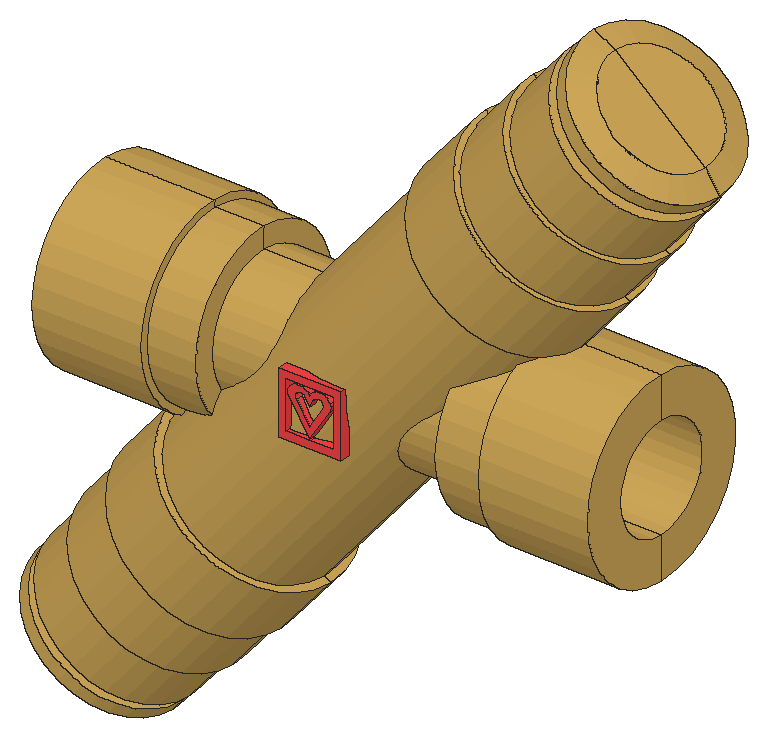
Revit family "Ограничитель температуры воды 4011", category Rohrzubehör, Revit 2020
Family settings
  Bemaßung runder Anschluss = Durchmesser verwenden
  Teiletyp = Unterbricht
  OmniClass-Nummer = 23.65.55.14
  OmniClass-Titel = Valves for Liquid Services
  Arbeitsebenenbasiert = Nein
  Immer vertikal = Ja
  Beim Laden mit Abzugskörper schneiden = Nein
  Gemeinsam genutzt = Nein
Parameters (values of type "Заводская настройка 52 и 70 °C")
  Уплотнение = "EPDM"  # constant formula
  Среда = "Питьевая вода"  # constant formula
  Примечание = "В соответствии со статьей 33 Регламента REACH (Registration; Evaluation; Authorisation; Restriction of Chemicals) (EC № 1907/2006) мы обязаны указать, что свинец внесен в список SVHC (Substances of Very High Concern - вещества очень высокой важности) и весовой процент свинца во всех латунных компонентах заводского изготовления в наших изделиях, превышает 0,1 % (w/w) (CAS: 7439-92-1 / EINECS: 231-100-4).\r\nПоскольку свинец является легирующим компонентом сплава, прямое негативное влияние исключается, и поэтому дополнительной информации о безопасном использовании не требуется."
  Номер заказа [instance] = if(and([52_70], Nennweite = 15.000 mm), 2401101, if(and([52_70], Nennweite = 20.000 mm), 2401102, if(and([55_70], Nennweite = 15.000 mm), 2401111, if(and([55_70], Nennweite = 20.000 mm), 2401112, if(and([58_70], Nennweite = 15.000 mm), 2401117, if(and([58_70], Nennweite = 20.000 mm), 2401118, 0))))))  # 2401101
  Макс. рабочее давление = 1000000.0 Pa  # constant formula
  Макс. рабочая температура = 80 °C  # constant formula
  Корпус = "CC770S"  # constant formula
  Исполнение = "HERZ-ограничитель температуры циркуляционного контура, наклонного исполнения, без покрытия, корпус изготовлен из латуни, устойчивой к селективной цинковой коррозии, седло, конус пружины, пружина изготовлены из нержавеющей хромоникелевой стали.\r\nУплотнительные кольца O-Ring изготовлены из EPDM, гигиенически безопасных материалов.\r\nВнутренняя резьба в соответствии с ISO 7/1 (Rp).\r\nИсполнение с двумя термоэлементами."
  Заводская настройка температуры [instance] = if([52_70], "52 - 70°C", if([55_70], "55 - 70°C", if([58_70], "58 - 70°C", "0")))  # "52 - 70°C"
  W03 = 25.00°  # constant formula
  W02 = 15.00°  # constant formula
  W01 = 50.00°  # constant formula
  Vorgabe-Ansicht = 0.000 mm
  URL = "www.herz-armaturen.ru"
  Седло, конус пружины, пружина = "нержавеющая сталь"  # constant formula
  SC_NennweiteBerechnet = 0
  SC_Dimension = ""
  SCTWSEQ = "AW;SBT_TYP_AW=\"104\";2"
  SCTWCODE = "04;26;02"  # constant formula
  S06 = 40.000 mm  # constant formula
  S05 = 15.000 mm  # constant formula
  S04 = 20.000 mm  # constant formula
  S03 = 60.000 mm  # constant formula
  S02 [instance] = S01 + 5.000 mm  # 11.750 mm
  S01 [instance] = D01 / 2  # 6.750 mm
  R01 = 5.000 mm  # constant formula
  Nennweite [instance] = 15.000 mm
  L09 = 4.500 mm  # constant formula
  L08 = 1.500 mm  # constant formula
  L07 [instance] = L03 + L05 + L06  # 58.400 mm
  L06 [instance] = size_lookup("4011_0X_", "L6", 1.000 mm, Nennweite)  # 8.900 mm
  L05 [instance] = size_lookup("4011_0X_", "L5", 1.000 mm, Nennweite)  # 10.000 mm
  L04 [instance] = size_lookup("4011_0X_", "L4", 1.000 mm, Nennweite)  # 11.000 mm
  L03 [instance] = size_lookup("4011_0X_", "L3", 1.000 mm, Nennweite)  # 39.500 mm
  L02 [instance] = size_lookup("4011_0X_", "L2", 1.000 mm, Nennweite)  # 23.000 mm
  L01 [instance] = size_lookup("4011_0X_", "L1", 1.000 mm, Nennweite)  # 15.900 mm
  L00 [instance] = size_lookup("4011_0X_", "L", 1.000 mm, Nennweite)  # 81.000 mm
  IG [instance] = Nennweite / 2  # 7.500 mm
  Hersteller = "HERZ Armaturen Ges.m.b.H."  # constant formula
  GT [instance] = size_lookup("4011_0X_", "GT", 1.000 mm, Nennweite)  # 12.000 mm
  Принцип действия = "HERZ-ограничитель температуры воды циркуляционного контура представляет собой термостатический дроссельный клапан для ограничения температуры горячей воды в контуре с циркуляционным насосом, в виде пропорционального энергонезависимого регулятора прямого действия.\r\nТемпература теплоносителя циркуляционного контура подлежит регулированию и обеспечивает распределение горячей воды на несколько стояков (если таковые имеются).\r\nС целью поддержания постоянной температуры расход циркуляционной воды ограничивается до необходимого количества и, таким образом, потери в циркуляционном контуре сводятся к минимуму.\r\nДанная арматура предназначена также для кратковременного промывания для предотвращения появления легионелл.\r\nКоличество циркуляционной воды после промывания системы опять пополняется необходимым объемом.\r\nКонус буксы может открывать или закрывать седло клапана в корпусе ограничителя.\r\nПри повышении температуры конус буксы перемещается термоэлементом медленно и плавно, без толчков, в направлении «закрыто», а при понижении температуры открывается с помощью пружины навстречу термостатическому элементу.\r\nРасширяющаяся среда в середине термостатического элемента превращает изменение температуры в изменение направления.\r\nПри термической дезинфекции второй термоэлемент расширяется и посредством штифта воздействует на прикрытый клапан – горячая вода поступает в трубопровод для дезинфекции.\r\nИсходя из модели данного ограничителя, величину утечки следует учитывать из расчёта приблизительно 0,65 л/мин при перепаде давления приблизительно 10 кПа."
  Конус буксы, букса, заглушка = "CW725N"  # constant formula
  D10 = 12.000 mm  # constant formula
  D09 = 9.200 mm  # constant formula
  D08 = 8.500 mm  # constant formula
  D07 [instance] = size_lookup("4011_0X_", "D7", 1.000 mm, Nennweite)  # 13.000 mm
  D06 [instance] = size_lookup("4011_0X_", "D6", 1.000 mm, Nennweite)  # 12.200 mm
  D05 [instance] = size_lookup("4011_0X_", "D5", 1.000 mm, Nennweite)  # 12.750 mm
  D04 [instance] = size_lookup("4011_0X_", "D4", 1.000 mm, Nennweite)  # 13.750 mm
  D03 [instance] = size_lookup("4011_0X_", "D3", 1.000 mm, Nennweite)  # 9.500 mm
  D02 [instance] = size_lookup("4011_0X_", "D2", 1.000 mm, Nennweite)  # 12.500 mm
  D01 [instance] = size_lookup("4011_0X_", "D1", 1.000 mm, Nennweite)  # 13.500 mm
  58_70 = no
  55_70 = no
  52_70 = yes
Types (4, lengths in mm): name | Номер заказа | Заводская настройка температуры | S02 | S01 | Nennweite | L07 | L06 | L05 | L04 | L03 | L02 | L01 | L00 | IG | GT | D07 | D06 | D05 | D04 | D03 | D02 | D01 | 58_70 | 55_70 | 52_70
  (no name) | 2401101 | "52 - 70°C" | 11.750 | 6.750 | 15.000 | 58.400 | 8.900 | 10.000 | 11.000 | 39.500 | 23.000 | 15.900 | 81.000 | 7.500 | 12.000 | 13.000 | 12.200 | 12.750 | 13.750 | 9.500 | 12.500 | 13.500 | no | no | yes
  Заводская настройка 52 и 70 °C | 2401101 | "52 - 70°C" | 11.750 | 6.750 | 15.000 | 58.400 | 8.900 | 10.000 | 11.000 | 39.500 | 23.000 | 15.900 | 81.000 | 7.500 | 12.000 | 13.000 | 12.200 | 12.750 | 13.750 | 9.500 | 12.500 | 13.500 | no | no | yes
  Заводская настройка 55 и 70 °C | 2401112 | "55 - 70°C" | 13.000 | 8.000 | 20.000 | 60.700 | 4.500 | 6.200 | 10.000 | 50.000 | 20.500 | 17.000 | 102.000 | 10.000 | 16.300 | 15.000 | 13.500 | 15.500 | 16.500 | 13.000 | 15.000 | 16.000 | no | yes | no
  Заводская настройка 58 и 70 °C | 2401118 | "58 - 70°C" | 13.000 | 8.000 | 20.000 | 60.700 | 4.500 | 6.200 | 10.000 | 50.000 | 20.500 | 17.000 | 102.000 | 10.000 | 16.300 | 15.000 | 13.500 | 15.500 | 16.500 | 13.000 | 15.000 | 16.000 | yes | no | no
Reference planes
  plane 1 "Mitte (Vorne/hinten)": y = 0
  plane 2: z = 0
  plane 3 "Mitte (Links/rechts)": x = 0
Forms (mm)
  Revolve 1, solid, material "Messing, weicher Gelbton, geschweißt", detail levels fine
    sketch origin (0, 0, 0) x (1, 0, 0) y (0, 0, 1)
      loop
        line (-28.5, 0) -> (28.5, 0) -> (28.5, 7.5) -> (40.5, 7.5) -> (40.5, 13.5) -> (24.6, 13.5) -> (24.6, 12.5) -> (17.5, 12.5) -> (17.5, 9.5) -> (-17.5, 9.5) -> (-17.5, 12.5) -> (-24.6, 12.5) -> (-24.6, 13.5) -> (-40.5, 13.5) -> (-40.5, 7.5) -> (-28.5, 7.5) -> (-28.5, 0)
      axis (-40.5, 0) -> (40.5, 0)
    angle from 0 to 360
  Revolve 2, solid, material "Messing, weicher Gelbton, geschweißt", detail levels fine
    sketch origin (0, 0, 0) x (1, 0, 0) y (0, 0, 1)
      loop
        line (0, 0) -> (25.39, 30.259) -> (14.857, 39.097) -> (7.786, 30.671) -> (8.552, 30.028) -> (-28.087, -13.637) -> (-28.853, -12.994) -> (-35.923, -21.42) -> (-25.39, -30.259) -> (0, 0)
      axis (25.39, 30.259) -> (-25.39, -30.259)
    angle from 0 to 360
  Revolve 3, solid, material "Messing, weicher Gelbton, geschweißt", detail levels fine
    sketch origin (0, 0, 0) x (1, 0, 0) y (0, 0, 1)
      loop
        line (0, 0) -> (37.539, 44.737) -> (28.193, 52.579) -> (22.472, 45.761) -> (21.859, 46.275) -> (15.432, 38.615) -> (21.56, 33.473) -> (-29.22, -27.045) -> (-35.349, -21.903) -> (-41.777, -29.563) -> (-41.164, -30.077) -> (-46.885, -36.895) -> (-37.539, -44.737) -> (0, 0)
      axis (-37.539, -44.737) -> (37.539, 44.737)
    angle from 0 to 360
  Revolve 4, solid, material "Messing, weicher Gelbton, geschweißt", detail levels fine
    sketch origin (0, 0, 0) x (1, 0, 0) y (0, 0, 1)
      loop
        line (0, 0) -> (40.431, 48.184) -> (33.92, 53.648) -> (30.636, 55.179) -> (29.31, 53.6) -> (31.455, 51.8) -> (30.491, 50.651) -> (33.709, 47.951) -> (-41.369, -41.523) -> (-44.586, -38.823) -> (-45.551, -39.972) -> (-47.696, -38.173) -> (-49.021, -39.752) -> (-46.943, -42.721) -> (-40.431, -48.184) -> (0, 0)
      axis (-40.431, -48.184) -> (40.431, 48.184)
    angle from 0 to 360
Lines and regions (mm)
  model lines, detail levels coarse+medium
    curve 1: line (-40.5, 0, 13.5) -> (-40.5, 0, -13.5)
    curve 2: line (-40.5, 0, -13.5) -> (40.5, 0, 13.5)
    curve 3: line (40.5, 0, 13.5) -> (40.5, 0, -13.5)
    curve 4: line (40.5, 0, -13.5) -> (-40.5, 0, 13.5)
    curve 5: circle (0, 0, 0) r 6.75 normal (0, -1, 0)
    curve 6: line (0, 0, 40) -> (0, 0, 60)
    curve 7: line (-15, 0, 60) -> (15, 0, 60)
    curve 8: line (15, 0, 60) -> (15, 0, 80)
    curve 9: line (15, 0, 80) -> (-15, 0, 80)
    curve 10: line (-15, 0, 80) -> (-15, 0, 60)
    curve 11: line (0, 0, 11.75) -> (13.173, 0, 40)
    curve 12: line (0, 0, 11.75) -> (-13.173, 0, 40)
    curve 13: line (-13.173, 0, 40) -> (13.173, 0, 40)
    curve 14: line (-40.5, 13.5, 0) -> (-40.5, -13.5, 0)
    curve 15: line (-40.5, -13.5, 0) -> (40.5, 13.5, 0)
    curve 16: line (40.5, 13.5, 0) -> (40.5, -13.5, 0)
    curve 17: line (40.5, -13.5, 0) -> (-40.5, 13.5, 0)
    curve 18: circle (0, 0, 0) r 6.75 normal (0, 0, 1)
    curve 19: line (0, 40, 0) -> (0, 60, 0)
    curve 20: line (-15, 60, 0) -> (15, 60, 0)
    curve 21: line (15, 60, 0) -> (15, 80, 0)
    curve 22: line (15, 80, 0) -> (-15, 80, 0)
    curve 23: line (-15, 80, 0) -> (-15, 60, 0)
    curve 24: line (0, 11.75, 0) -> (13.173, 40, 0)
    curve 25: line (0, 11.75, 0) -> (-13.173, 40, 0)
    curve 26: line (-13.173, 40, 0) -> (13.173, 40, 0)
Dimensions and locks
  "L00": Revolve 1 sketch curve to Revolve 1 sketch curve
  equal spacing: Revolve 1 sketch curve, plane 3 "Mitte (Links/rechts)", Revolve 1 sketch curve
  "L01": Revolve 1 sketch curve to Revolve 1 sketch curve  (x2)
  "L02": Revolve 1 sketch curve to Revolve 1 sketch curve  (x2)
  "GT": Revolve 1 sketch curve to Revolve 1 sketch curve  (x2)
  "IG": Revolve 1 sketch curve to plane 2  (x2)
  "D01": Revolve 1 sketch curve to plane 2  (x2)
  "D02": Revolve 1 sketch curve to plane 2  (x2)
  "D03": Revolve 1 sketch curve to Revolve 1 sketch curve
  equal spacing: Revolve 1, Revolve 2 sketch curve, Revolve 1  (x2)
  "L03": Revolve 2 sketch curve to Revolve 2 sketch curve  (x2)
  "L04": Revolve 2 sketch curve to Revolve 2 sketch curve  (x2)
  "D05": nested 1 to plane 1 "Mitte (Vorne/hinten)"
  "D04": Revolve 2 sketch curve to Revolve 2 sketch curve  (x2)
  "D05": Revolve 2 sketch curve to Revolve 2 sketch curve
  "L03": Revolve 3 sketch curve to Revolve 3 sketch curve  (x2)
  "L05": Revolve 3 sketch curve to Revolve 3 sketch curve  (x2)
  "L06": Revolve 3 sketch curve to Revolve 3 sketch curve  (x2)
  "D06": Revolve 3 sketch curve to Revolve 3 sketch curve  (x2)
  "D07": Revolve 3 sketch curve to Revolve 3 sketch curve  (x2)
  "R01": Revolve 3 sketch curve to Revolve 3 sketch curve
  equal spacing: Revolve 1, Revolve 3 sketch curve, Revolve 1
  equal spacing: Revolve 1, Revolve 4 sketch curve, Revolve 1
  "L07": Revolve 4 sketch curve to Revolve 4 sketch curve to Revolve 4 sketch curve
  "L08": Revolve 4 sketch curve to Revolve 4 sketch curve  (x2)
  "L09": Revolve 4 sketch curve to Revolve 4 sketch curve  (x2)
  "D08": Revolve 4 sketch curve to Revolve 4 sketch curve  (x2)
  "D09": Revolve 4 sketch curve to Revolve 4 sketch curve  (x2)
  "D10": Revolve 4 sketch curve to Revolve 4 sketch curve  (x2)
  "R01": Revolve 4 sketch curve to Revolve 4 sketch curve
  equal spacing: curve 1, plane 3 "Mitte (Links/rechts)", curve 3
  "L00": curve 1 to curve 3
  "D01": curve 4 to plane 2 to curve 2
  "D01": curve 3 to plane 2 to curve 4
  equal spacing: Revolve 1, curve 5, Revolve 1
  "S03": curve 6 to plane 2
  "S05": curve 10 to plane 3 "Mitte (Links/rechts)" to curve 8
  "S04": curve 9 to curve 7
  "S06": curve 13 to plane 2
  "S02": curve 12 to plane 2
  equal spacing: curve 14, plane 3 "Mitte (Links/rechts)", curve 16
  "L00": curve 14 to curve 16
  "D01": curve 15 to plane 1 "Mitte (Vorne/hinten)" to curve 17
  "D01": curve 17 to plane 1 "Mitte (Vorne/hinten)" to curve 16
  equal spacing: curve 14, curve 18, curve 16
  "S06": plane 1 "Mitte (Vorne/hinten)" to curve 19
  "S03": plane 1 "Mitte (Vorne/hinten)" to curve 19
  "S05": curve 23 to plane 3 "Mitte (Links/rechts)" to curve 21
  "S04": curve 22 to curve 20
  "S02": plane 1 "Mitte (Vorne/hinten)" to curve 25
  "S01": radius of curve 5
  "S01": radius of curve 18
  "W01": angle plane 2 to Revolve 3 sketch curve
  "W01": angle plane 2 to Revolve 4 sketch curve
  "W02": angle Revolve 4 sketch curve to Revolve 4 sketch curve  (x2)
  "W01": angle plane 2 to Revolve 2 sketch curve
  "W03": angle curve 11 to curve 6 to curve 12
  "W03": angle curve 24 to plane 3 "Mitte (Links/rechts)" to curve 25
  aligned and locked: level to plane 2
Automatic sketch dimensions
  curve 12 to plane 3 "Mitte (Links/rechts)" = 0.000 mm
  curve 6 to plane 3 "Mitte (Links/rechts)" = 0.000 mm
  curve 5 to level = 0.000 mm
  curve 25 to plane 3 "Mitte (Links/rechts)" = 0.000 mm
  curve 19 to plane 3 "Mitte (Links/rechts)" = 0.000 mm
  plane 1 "Mitte (Vorne/hinten)" to curve 18 = 0.000 mm
  Revolve 1 sketch curve to level = 0.000 mm  (x2)
  Revolve 1 sketch curve to Revolve 1 sketch curve = 1466.030 mm
  Revolve 1 sketch curve to Revolve 1 sketch curve = 1798.648 mm
  Revolve 2 sketch curve to level = 0.000 mm  (x2)
  Revolve 3 sketch curve to level = 0.000 mm
  Revolve 3 sketch curve to Revolve 3 sketch curve = 0.000 mm  (x4)
  Revolve 4 sketch curve to level = 0.000 mm
  Revolve 4 sketch curve to Revolve 4 sketch curve = 0.000 mm  (x4)
Nested families
  nested 1: "Herz-Logo-vorne" at (0, -12.75, 0) x (0, 1, 0) z (0, 0, 1), type "Herz-Logo-vorne", detail levels fine
Connectors
  piping at (-28.5, 0, 0), diameter 15, driven by "Nennweite"
    settings: on Revolve 1, index 1, connector inside diameter 609.6 mm, connector length 0.000 mm, flow factor 0, pipe flow 0.0 L/s, pressure drop 0.0 Pa, fitting loss kfactor 0, connector angle 0.00°, fixture units 0, engagement length 0.000 mm, angle of deflection 0.00°, flow configuration 0, flow direction 1, fitting loss method 0, system type 29, joint type 0, gender type 0, connector reference index -1, connector utility 0, adjustable connector no, is connector primary yes, connector description ""
  piping at (28.5, 0, 0), diameter 15, driven by "Nennweite"
    settings: on Revolve 1, index 2, connector inside diameter 609.6 mm, connector length 0.000 mm, flow factor 0, pipe flow 0.0 L/s, pressure drop 0.0 Pa, fitting loss kfactor 0, connector angle 0.00°, fixture units 0, engagement length 0.000 mm, angle of deflection 0.00°, flow configuration 0, flow direction 2, fitting loss method 0, system type 29, joint type 0, gender type 0, connector reference index -1, connector utility 0, adjustable connector no, is connector primary no, connector description ""
Definition of nested family "Herz-Logo-vorne"
  Parameters (values of type "Herz-Logo-vorne")
    Default Elevation = 0.000 mm
  Reference planes
    plane 1 "Mitte (Vorne/hinten)": y = 0
    plane 2: z = 0
    plane 3 "Mitte (Links/rechts)": x = 0
  Forms (mm)
    Extrusion 1, solid
      sketch origin (0.732, -0.018, 0.017) x (0, -1, 0) y (0, 0, 1)
        loop
          line (-0.018, -4.517) -> (4.482, -4.517) -> (4.482, 4.483) -> (-4.518, 4.483) -> (-4.518, -4.517) -> (-0.018, -4.517)
        loop
          line (-0.05, -3.48) -> (3.482, -3.48) -> (3.482, 3.483) -> (-3.518, 3.483) -> (-3.518, -3.48) -> (-0.05, -3.48)
        loop
          arc (-0.018, 2.383) -> (-1.543, 3.287) -> (-3.067, 2.383) r 1.738
          arc (-3.067, 2.383) -> (-3.191, 1.899) -> (-3.067, 1.415) r 1.009
          line (-3.067, 1.415) -> (-0.018, -3.281) -> (3.032, 1.415)
          arc (3.032, 1.415) -> (3.156, 1.899) -> (3.032, 2.383) r 1.009
          arc (3.032, 2.383) -> (1.507, 3.287) -> (-0.018, 2.383) r 1.738
        loop
          arc (1.885, 1.272) -> (2.005, 1.675) -> (1.885, 2.079) r 0.74
          arc (1.885, 2.079) -> (1.265, 2.416) -> (0.644, 2.079) r 0.74
          line (0.644, 2.079) -> (-0.018, 0.97) -> (-0.679, 2.079)
          arc (-0.679, 2.079) -> (-1.3, 2.416) -> (-1.921, 2.079) r 0.74
          arc (-1.921, 2.079) -> (-2.04, 1.675) -> (-1.921, 1.272) r 0.74
          line (-1.921, 1.272) -> (-0.018, -1.658) -> (1.885, 1.272)
      from 0 to 1.5
  Dimensions and locks
    aligned and locked: level to plane 2
